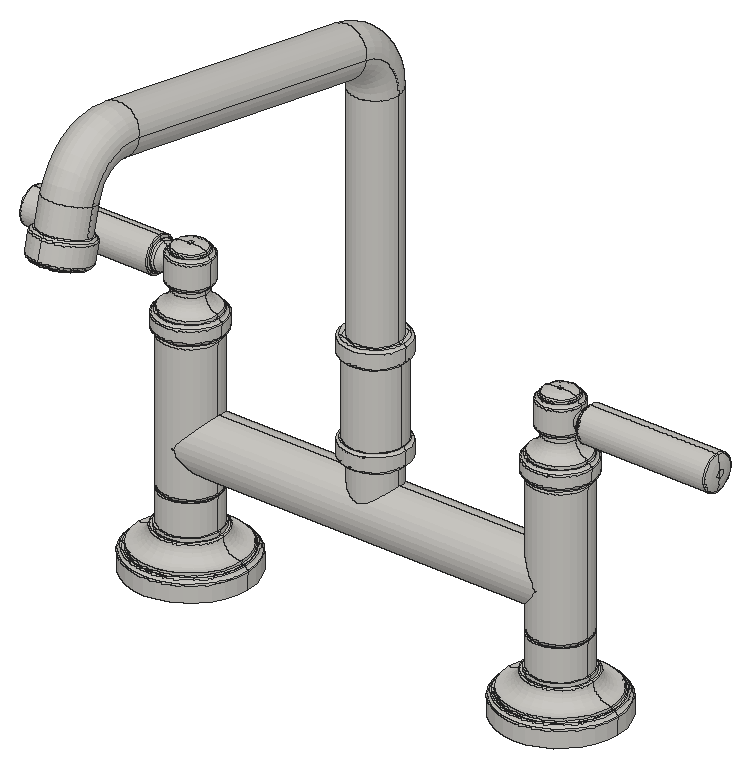
Revit family "Faucet-Kitchen-KALLISTA-Quincy-P25001", category Plumbing Fixtures, host Face, Revit 2022 (continued)
Definition of nested family "P25001"
  Lines and regions (in)
    symbolic lines, detail levels medium+fine
      curve 95: spline (-0.51767, 0, 11.09591) -> (-0.48115, 0, 11.12626) -> (-0.42416, 0, 11.15376) -> (-0.34912, 0, 11.17726) -> (-0.25922, 0, 11.19574) -> (-0.15829, 0, 11.20843) -> (-0.05063, 0, 11.21477) -> (0.05918, 0, 11.21451) -> (0.16648, 0, 11.20766) -> (0.2667, 0, 11.1945) -> (0.35556, 0, 11.17559) -> (0.4293, 0, 11.15174) -> (0.48477, 0, 11.12397)
      curve 96: spline (0.5, 0, 11.00592) -> (0.45224, 0, 10.97718) -> (0.38551, 0, 10.95191) -> (0.30259, 0, 10.93114) -> (0.20697, 0, 10.91577) -> (0.10266, 0, 10.90643) -> (-0.00596, 0, 10.90351) -> (-0.11432, 0, 10.90714) -> (-0.21789, 0, 10.91716) -> (-0.31231, 0, 10.93316) -> (-0.39363, 0, 10.95446) -> (-0.45842, 0, 10.98017) -> (-0.50397, 0, 11.00921)
      curve 97: spline (0.44242, 0, 11.67601) -> (0.38871, 0, 11.68988) -> (0.32456, 0, 11.70177) -> (0.2517, 0, 11.71136) -> (0.1721, 0, 11.71838) -> (0.08791, 0, 11.72266) -> (0.00142, 0, 11.72407) -> (-0.08503, 0, 11.72257) -> (-0.16911, 0, 11.71821) -> (-0.24853, 0, 11.7111) -> (-0.32116, 0, 11.70144) -> (-0.38501, 0, 11.68948) -> (-0.43837, 0, 11.67555)
      curve 98: spline (0.43765, 0, 11.64611) -> (0.38066, 0, 11.65964) -> (0.31678, 0, 11.67117) -> (0.24718, 0, 11.68049) -> (0.17311, 0, 11.68743) -> (0.09591, 0, 11.69187) -> (0.01698, 0, 11.69372) -> (-0.06224, 0, 11.69295) -> (-0.14033, 0, 11.68958) -> (-0.21586, 0, 11.68366) -> (-0.28748, 0, 11.67531) -> (-0.35387, 0, 11.66467) -> (-0.41384, 0, 11.65194)
      curve 99: spline (-0.29907, 0, 11.07349) -> (-0.29844, 0, 11.07181) -> (-0.29952, 0, 11.07015) -> (-0.30223, 0, 11.06861) -> (-0.30638, 0, 11.0673) -> (-0.31169, 0, 11.06632) -> (-0.3178, 0, 11.06573) -> (-0.3243, 0, 11.06557) -> (-0.33074, 0, 11.06585) -> (-0.33667, 0, 11.06655) -> (-0.34171, 0, 11.06762) -> (-0.3455, 0, 11.069) -> (-0.34779, 0, 11.07058)
      curve 100: spline (-0.34779, 0, 11.07058) -> (-0.34841, 0, 11.07226) -> (-0.34733, 0, 11.07393) -> (-0.34463, 0, 11.07547) -> (-0.34048, 0, 11.07677) -> (-0.33516, 0, 11.07775) -> (-0.32905, 0, 11.07834) -> (-0.32255, 0, 11.0785) -> (-0.31612, 0, 11.07822) -> (-0.31018, 0, 11.07752) -> (-0.30514, 0, 11.07645) -> (-0.30135, 0, 11.07507) -> (-0.29907, 0, 11.07349)
      curve 101: spline (-0.28761, 0, 11.03886) -> (-0.28423, 0, 11.03741) -> (-0.28241, 0, 11.03579) -> (-0.28227, 0, 11.0341) -> (-0.28383, 0, 11.03246) -> (-0.28697, 0, 11.03098) -> (-0.29149, 0, 11.02976) -> (-0.29707, 0, 11.02889) -> (-0.30334, 0, 11.02841) -> (-0.30986, 0, 11.02838) -> (-0.3162, 0, 11.02878) -> (-0.32192, 0, 11.0296) -> (-0.32663, 0, 11.03076)
      curve 102: spline (-0.32663, 0, 11.03076) -> (-0.33001, 0, 11.03221) -> (-0.33183, 0, 11.03383) -> (-0.33197, 0, 11.03552) -> (-0.33041, 0, 11.03716) -> (-0.32727, 0, 11.03864) -> (-0.32275, 0, 11.03986) -> (-0.31717, 0, 11.04073) -> (-0.3109, 0, 11.04121) -> (-0.30437, 0, 11.04124) -> (-0.29804, 0, 11.04084) -> (-0.29232, 0, 11.04002) -> (-0.28761, 0, 11.03886)
      curve 103: spline (-0.25136, 0, 11.10599) -> (-0.25361, 0, 11.1044) -> (-0.25737, 0, 11.10302) -> (-0.26239, 0, 11.10194) -> (-0.26831, 0, 11.10123) -> (-0.27474, 0, 11.10095) -> (-0.28124, 0, 11.1011) -> (-0.28737, 0, 11.10168) -> (-0.2927, 0, 11.10266) -> (-0.29688, 0, 11.10395) -> (-0.29961, 0, 11.10549) -> (-0.30073, 0, 11.10715) -> (-0.30013, 0, 11.10883)
      curve 104: spline (-0.30013, 0, 11.10883) -> (-0.29788, 0, 11.11042) -> (-0.29412, 0, 11.1118) -> (-0.2891, 0, 11.11288) -> (-0.28318, 0, 11.11359) -> (-0.27675, 0, 11.11388) -> (-0.27025, 0, 11.11372) -> (-0.26412, 0, 11.11314) -> (-0.25879, 0, 11.11217) -> (-0.25461, 0, 11.11087) -> (-0.25188, 0, 11.10934) -> (-0.25077, 0, 11.10767) -> (-0.25136, 0, 11.10599)
      curve 105: spline (-0.24774, 0, 11.07994) -> (-0.24893, 0, 11.0816) -> (-0.24842, 0, 11.08329) -> (-0.24624, 0, 11.08488) -> (-0.24254, 0, 11.08627) -> (-0.23758, 0, 11.08737) -> (-0.23169, 0, 11.08809) -> (-0.22527, 0, 11.0884) -> (-0.21877, 0, 11.08827) -> (-0.21261, 0, 11.08771) -> (-0.20723, 0, 11.08675) -> (-0.203, 0, 11.08546) -> (-0.20019, 0, 11.08394)
      curve 106: spline (-0.20019, 0, 11.08394) -> (-0.199, 0, 11.08228) -> (-0.19951, 0, 11.08059) -> (-0.20169, 0, 11.079) -> (-0.20538, 0, 11.07761) -> (-0.21035, 0, 11.07651) -> (-0.21624, 0, 11.07579) -> (-0.22265, 0, 11.07548) -> (-0.22916, 0, 11.07561) -> (-0.23531, 0, 11.07618) -> (-0.24069, 0, 11.07713) -> (-0.24493, 0, 11.07842) -> (-0.24774, 0, 11.07994)
      curve 107: spline (-0.23964, 0, 11.03895) -> (-0.24437, 0, 11.04012) -> (-0.24778, 0, 11.04156) -> (-0.24963, 0, 11.04318) -> (-0.2498, 0, 11.04487) -> (-0.24828, 0, 11.04651) -> (-0.24517, 0, 11.04799) -> (-0.24067, 0, 11.04922) -> (-0.23511, 0, 11.0501) -> (-0.22885, 0, 11.05058) -> (-0.22233, 0, 11.05062) -> (-0.21598, 0, 11.05023) -> (-0.21025, 0, 11.04942)
      curve 108: spline (-0.21025, 0, 11.04942) -> (-0.20551, 0, 11.04826) -> (-0.2021, 0, 11.04682) -> (-0.20025, 0, 11.0452) -> (-0.20008, 0, 11.04351) -> (-0.2016, 0, 11.04187) -> (-0.20472, 0, 11.04039) -> (-0.20921, 0, 11.03916) -> (-0.21477, 0, 11.03828) -> (-0.22103, 0, 11.0378) -> (-0.22755, 0, 11.03775) -> (-0.2339, 0, 11.03815) -> (-0.23964, 0, 11.03895)
      curve 109: spline (-0.24085, 0, 10.99726) -> (-0.24632, 0, 10.99818) -> (-0.25068, 0, 10.99944) -> (-0.25363, 0, 11.00095) -> (-0.25497, 0, 11.0026) -> (-0.25462, 0, 11.00429) -> (-0.25259, 0, 11.00589) -> (-0.24903, 0, 11.00731) -> (-0.24417, 0, 11.00843) -> (-0.23835, 0, 11.0092) -> (-0.23197, 0, 11.00955) -> (-0.22545, 0, 11.00946) -> (-0.21925, 0, 11.00893)
      curve 110: spline (-0.21925, 0, 11.00893) -> (-0.21378, 0, 11.00801) -> (-0.20942, 0, 11.00675) -> (-0.20647, 0, 11.00524) -> (-0.20512, 0, 11.00359) -> (-0.20547, 0, 11.00191) -> (-0.2075, 0, 11.0003) -> (-0.21107, 0, 10.99888) -> (-0.21592, 0, 10.99776) -> (-0.22174, 0, 10.99699) -> (-0.22813, 0, 10.99664) -> (-0.23465, 0, 10.99674) -> (-0.24085, 0, 10.99726)
      curve 111: spline (-0.23964, 0, 11.03895) -> (-0.24437, 0, 11.04012) -> (-0.24778, 0, 11.04156) -> (-0.24963, 0, 11.04318) -> (-0.2498, 0, 11.04487) -> (-0.24828, 0, 11.04651) -> (-0.24517, 0, 11.04799) -> (-0.24067, 0, 11.04922) -> (-0.23511, 0, 11.0501) -> (-0.22885, 0, 11.05058) -> (-0.22233, 0, 11.05062) -> (-0.21598, 0, 11.05023) -> (-0.21025, 0, 11.04942)
      curve 112: spline (-0.21025, 0, 11.04942) -> (-0.20551, 0, 11.04826) -> (-0.2021, 0, 11.04682) -> (-0.20025, 0, 11.0452) -> (-0.20008, 0, 11.04351) -> (-0.2016, 0, 11.04187) -> (-0.20472, 0, 11.04039) -> (-0.20921, 0, 11.03916) -> (-0.21477, 0, 11.03828) -> (-0.22103, 0, 11.0378) -> (-0.22755, 0, 11.03775) -> (-0.2339, 0, 11.03815) -> (-0.23964, 0, 11.03895)
      curve 113: spline (-0.20019, 0, 11.08394) -> (-0.199, 0, 11.08228) -> (-0.19951, 0, 11.08059) -> (-0.20169, 0, 11.079) -> (-0.20538, 0, 11.07761) -> (-0.21035, 0, 11.07651) -> (-0.21624, 0, 11.07579) -> (-0.22265, 0, 11.07548) -> (-0.22916, 0, 11.07561) -> (-0.23531, 0, 11.07618) -> (-0.24069, 0, 11.07713) -> (-0.24493, 0, 11.07842) -> (-0.24774, 0, 11.07994)
      curve 114: spline (-0.24774, 0, 11.07994) -> (-0.24893, 0, 11.0816) -> (-0.24842, 0, 11.08329) -> (-0.24624, 0, 11.08488) -> (-0.24254, 0, 11.08627) -> (-0.23758, 0, 11.08737) -> (-0.23169, 0, 11.08809) -> (-0.22527, 0, 11.0884) -> (-0.21877, 0, 11.08827) -> (-0.21261, 0, 11.08771) -> (-0.20723, 0, 11.08675) -> (-0.203, 0, 11.08546) -> (-0.20019, 0, 11.08394)
      curve 115: spline (-0.30013, 0, 11.10883) -> (-0.29788, 0, 11.11042) -> (-0.29412, 0, 11.1118) -> (-0.2891, 0, 11.11288) -> (-0.28318, 0, 11.11359) -> (-0.27675, 0, 11.11388) -> (-0.27025, 0, 11.11372) -> (-0.26412, 0, 11.11314) -> (-0.25879, 0, 11.11217) -> (-0.25461, 0, 11.11087) -> (-0.25188, 0, 11.10934) -> (-0.25077, 0, 11.10767) -> (-0.25136, 0, 11.10599)
      curve 116: spline (-0.15392, 0, 11.12992) -> (-0.1586, 0, 11.12874) -> (-0.16431, 0, 11.12792) -> (-0.17064, 0, 11.12751) -> (-0.17716, 0, 11.12754) -> (-0.18344, 0, 11.128) -> (-0.18904, 0, 11.12887) -> (-0.19358, 0, 11.13008) -> (-0.19675, 0, 11.13155) -> (-0.19834, 0, 11.13319) -> (-0.19824, 0, 11.13488) -> (-0.19645, 0, 11.13651) -> (-0.1931, 0, 11.13796)
      curve 117: spline (-0.1931, 0, 11.13796) -> (-0.18842, 0, 11.13913) -> (-0.18271, 0, 11.13995) -> (-0.17638, 0, 11.14036) -> (-0.16986, 0, 11.14034) -> (-0.16358, 0, 11.13987) -> (-0.15798, 0, 11.13901) -> (-0.15344, 0, 11.13779) -> (-0.15027, 0, 11.13632) -> (-0.14868, 0, 11.13468) -> (-0.14878, 0, 11.13299) -> (-0.15057, 0, 11.13137) -> (-0.15392, 0, 11.12992)
      curve 118: spline (-0.16121, 0, 11.11433) -> (-0.15841, 0, 11.11586) -> (-0.15417, 0, 11.11714) -> (-0.14879, 0, 11.1181) -> (-0.14264, 0, 11.11866) -> (-0.13613, 0, 11.11879) -> (-0.12971, 0, 11.11849) -> (-0.12382, 0, 11.11776) -> (-0.11886, 0, 11.11666) -> (-0.11516, 0, 11.11527) -> (-0.11298, 0, 11.11368) -> (-0.11247, 0, 11.11199) -> (-0.11366, 0, 11.11033)
      curve 119: spline (-0.11366, 0, 11.11033) -> (-0.11647, 0, 11.10881) -> (-0.12071, 0, 11.10752) -> (-0.12609, 0, 11.10657) -> (-0.13224, 0, 11.106) -> (-0.13875, 0, 11.10587) -> (-0.14516, 0, 11.10618) -> (-0.15105, 0, 11.10691) -> (-0.15602, 0, 11.108) -> (-0.15971, 0, 11.10939) -> (-0.16189, 0, 11.11099) -> (-0.1624, 0, 11.11267) -> (-0.16121, 0, 11.11433)
      curve 120: spline (-0.15155, 0, 11.08532) -> (-0.14758, 0, 11.08666) -> (-0.1424, 0, 11.08769) -> (-0.13637, 0, 11.08834) -> (-0.1299, 0, 11.08856) -> (-0.12343, 0, 11.08834) -> (-0.1174, 0, 11.08769) -> (-0.11223, 0, 11.08666) -> (-0.10825, 0, 11.08532) -> (-0.10576, 0, 11.08376) -> (-0.1049, 0, 11.08209) -> (-0.10576, 0, 11.08041) -> (-0.10825, 0, 11.07885)
      curve 121: spline (-0.10825, 0, 11.07885) -> (-0.11223, 0, 11.07751) -> (-0.1174, 0, 11.07648) -> (-0.12343, 0, 11.07584) -> (-0.1299, 0, 11.07562) -> (-0.13637, 0, 11.07584) -> (-0.1424, 0, 11.07648) -> (-0.14758, 0, 11.07751) -> (-0.15155, 0, 11.07885) -> (-0.15405, 0, 11.08041) -> (-0.1549, 0, 11.08209) -> (-0.15405, 0, 11.08376) -> (-0.15155, 0, 11.08532)
      curve 122: spline (-0.15155, 0, 11.04003) -> (-0.15405, 0, 11.04159) -> (-0.1549, 0, 11.04326) -> (-0.15405, 0, 11.04494) -> (-0.15155, 0, 11.0465) -> (-0.14758, 0, 11.04784) -> (-0.1424, 0, 11.04887) -> (-0.13637, 0, 11.04951) -> (-0.1299, 0, 11.04973) -> (-0.12343, 0, 11.04951) -> (-0.1174, 0, 11.04887) -> (-0.11223, 0, 11.04784) -> (-0.10825, 0, 11.0465)
      curve 123: spline (-0.10825, 0, 11.0465) -> (-0.10576, 0, 11.04494) -> (-0.1049, 0, 11.04326) -> (-0.10576, 0, 11.04159) -> (-0.10825, 0, 11.04003) -> (-0.11223, 0, 11.03869) -> (-0.1174, 0, 11.03766) -> (-0.12343, 0, 11.03701) -> (-0.1299, 0, 11.03679) -> (-0.13637, 0, 11.03701) -> (-0.1424, 0, 11.03766) -> (-0.14758, 0, 11.03869) -> (-0.15155, 0, 11.04003)
      curve 124: spline (-0.14, 0, 11.01997) -> (-0.13353, 0, 11.01975) -> (-0.1275, 0, 11.0191) -> (-0.12232, 0, 11.01807) -> (-0.11835, 0, 11.01673) -> (-0.11585, 0, 11.01517) -> (-0.115, 0, 11.0135) -> (-0.11585, 0, 11.01182) -> (-0.11835, 0, 11.01026) -> (-0.12232, 0, 11.00892) -> (-0.1275, 0, 11.0079) -> (-0.13353, 0, 11.00725) -> (-0.14, 0, 11.00703)
      curve 125: spline (-0.14, 0, 11.00703) -> (-0.14647, 0, 11.00725) -> (-0.1525, 0, 11.0079) -> (-0.15768, 0, 11.00892) -> (-0.16165, 0, 11.01026) -> (-0.16415, 0, 11.01182) -> (-0.165, 0, 11.0135) -> (-0.16415, 0, 11.01517) -> (-0.16165, 0, 11.01673) -> (-0.15768, 0, 11.01807) -> (-0.1525, 0, 11.0191) -> (-0.14647, 0, 11.01975) -> (-0.14, 0, 11.01997)
      curve 126: spline (-0.10742, 0, 10.9767) -> (-0.11389, 0, 10.97692) -> (-0.11993, 0, 10.97756) -> (-0.12511, 0, 10.97859) -> (-0.12909, 0, 10.97992) -> (-0.1316, 0, 10.98148) -> (-0.13246, 0, 10.98316) -> (-0.13162, 0, 10.98483) -> (-0.12914, 0, 10.98639) -> (-0.12517, 0, 10.98774) -> (-0.12, 0, 10.98877) -> (-0.11398, 0, 10.98942) -> (-0.10751, 0, 10.98964)
      curve 127: spline (-0.10751, 0, 10.98964) -> (-0.10104, 0, 10.98942) -> (-0.095, 0, 10.98878) -> (-0.08982, 0, 10.98775) -> (-0.08584, 0, 10.98641) -> (-0.08333, 0, 10.98485) -> (-0.08246, 0, 10.98318) -> (-0.0833, 0, 10.98151) -> (-0.08579, 0, 10.97994) -> (-0.08976, 0, 10.9786) -> (-0.09493, 0, 10.97757) -> (-0.10095, 0, 10.97692) -> (-0.10742, 0, 10.9767)
      curve 128: spline (0.01311, 0, 10.99636) -> (0.00738, 0, 10.99555) -> (0.00103, 0, 10.99516) -> (-0.00549, 0, 10.9952) -> (-0.01175, 0, 10.99568) -> (-0.01732, 0, 10.99656) -> (-0.02181, 0, 10.99779) -> (-0.02492, 0, 10.99927) -> (-0.02645, 0, 11.00092) -> (-0.02628, 0, 11.00261) -> (-0.02442, 0, 11.00422) -> (-0.02101, 0, 11.00567) -> (-0.01628, 0, 11.00683)
      curve 129: spline (-0.01628, 0, 11.00683) -> (-0.01054, 0, 11.00763) -> (-0.0042, 0, 11.00803) -> (0.00233, 0, 11.00798) -> (0.00859, 0, 11.0075) -> (0.01415, 0, 11.00662) -> (0.01864, 0, 11.0054) -> (0.02176, 0, 11.00391) -> (0.02328, 0, 11.00227) -> (0.02311, 0, 11.00058) -> (0.02126, 0, 10.99896) -> (0.01785, 0, 10.99752) -> (0.01311, 0, 10.99636)
      curve 130: spline (0.04726, 0, 10.97315) -> (0.04107, 0, 10.97262) -> (0.03455, 0, 10.97252) -> (0.02816, 0, 10.97286) -> (0.02233, 0, 10.97362) -> (0.01746, 0, 10.97474) -> (0.01387, 0, 10.97616) -> (0.01182, 0, 10.97776) -> (0.01145, 0, 10.97945) -> (0.01277, 0, 10.9811) -> (0.0157, 0, 10.98261) -> (0.02005, 0, 10.98387) -> (0.0255, 0, 10.9848)
      curve 131: spline (0.0255, 0, 10.9848) -> (0.0317, 0, 10.98533) -> (0.03821, 0, 10.98543) -> (0.0446, 0, 10.98508) -> (0.05043, 0, 10.98432) -> (0.05531, 0, 10.9832) -> (0.05889, 0, 10.98179) -> (0.06094, 0, 10.98018) -> (0.06131, 0, 10.9785) -> (0.05999, 0, 10.97684) -> (0.05706, 0, 10.97534) -> (0.05272, 0, 10.97407) -> (0.04726, 0, 10.97315)
      curve 132: spline (0, 0, 11.01738) -> (-0.00647, 0, 11.0176) -> (-0.0125, 0, 11.01825) -> (-0.01768, 0, 11.01928) -> (-0.02165, 0, 11.02062) -> (-0.02415, 0, 11.02218) -> (-0.025, 0, 11.02385) -> (-0.02415, 0, 11.02553) -> (-0.02165, 0, 11.02709) -> (-0.01768, 0, 11.02843) -> (-0.0125, 0, 11.02946) -> (-0.00647, 0, 11.0301) -> (0, 0, 11.03032)
      curve 133: spline (0, 0, 11.03032) -> (0.00647, 0, 11.0301) -> (0.0125, 0, 11.02946) -> (0.01768, 0, 11.02843) -> (0.02165, 0, 11.02709) -> (0.02415, 0, 11.02553) -> (0.025, 0, 11.02385) -> (0.02415, 0, 11.02218) -> (0.02165, 0, 11.02062) -> (0.01768, 0, 11.01928) -> (0.0125, 0, 11.01825) -> (0.00647, 0, 11.0176) -> (0, 0, 11.01738)
      curve 134: spline (0, 0, 11.0562) -> (-0.00647, 0, 11.05643) -> (-0.0125, 0, 11.05707) -> (-0.01768, 0, 11.0581) -> (-0.02165, 0, 11.05944) -> (-0.02415, 0, 11.061) -> (-0.025, 0, 11.06268) -> (-0.02415, 0, 11.06435) -> (-0.02165, 0, 11.06591) -> (-0.01768, 0, 11.06725) -> (-0.0125, 0, 11.06828) -> (-0.00647, 0, 11.06893) -> (0, 0, 11.06915)
      curve 135: spline (0, 0, 11.06915) -> (0.00647, 0, 11.06893) -> (0.0125, 0, 11.06828) -> (0.01768, 0, 11.06725) -> (0.02165, 0, 11.06591) -> (0.02415, 0, 11.06435) -> (0.025, 0, 11.06268) -> (0.02415, 0, 11.061) -> (0.02165, 0, 11.05944) -> (0.01768, 0, 11.0581) -> (0.0125, 0, 11.05707) -> (0.00647, 0, 11.05643) -> (0, 0, 11.0562)
      curve 136: spline (0, 0, 11.09503) -> (-0.00647, 0, 11.09525) -> (-0.0125, 0, 11.09589) -> (-0.01768, 0, 11.09692) -> (-0.02165, 0, 11.09826) -> (-0.02415, 0, 11.09982) -> (-0.025, 0, 11.1015) -> (-0.02415, 0, 11.10317) -> (-0.02165, 0, 11.10473) -> (-0.01768, 0, 11.10607) -> (-0.0125, 0, 11.1071) -> (-0.00647, 0, 11.10775) -> (0, 0, 11.10797)
      curve 137: spline (0, 0, 11.10797) -> (0.00647, 0, 11.10775) -> (0.0125, 0, 11.1071) -> (0.01768, 0, 11.10607) -> (0.02165, 0, 11.10473) -> (0.02415, 0, 11.10317) -> (0.025, 0, 11.1015) -> (0.02415, 0, 11.09982) -> (0.02165, 0, 11.09826) -> (0.01768, 0, 11.09692) -> (0.0125, 0, 11.09589) -> (0.00647, 0, 11.09525) -> (0, 0, 11.09503)
      curve 138: spline (0.01628, 0, 11.11852) -> (0.01054, 0, 11.11772) -> (0.0042, 0, 11.11732) -> (-0.00233, 0, 11.11737) -> (-0.00859, 0, 11.11785) -> (-0.01415, 0, 11.11873) -> (-0.01864, 0, 11.11995) -> (-0.02176, 0, 11.12144) -> (-0.02328, 0, 11.12308) -> (-0.02311, 0, 11.12477) -> (-0.02126, 0, 11.12639) -> (-0.01785, 0, 11.12783) -> (-0.01311, 0, 11.12899)
      curve 139: spline (-0.01311, 0, 11.12899) -> (-0.00738, 0, 11.1298) -> (-0.00103, 0, 11.13019) -> (0.00549, 0, 11.13015) -> (0.01175, 0, 11.12967) -> (0.01732, 0, 11.12879) -> (0.02181, 0, 11.12756) -> (0.02492, 0, 11.12608) -> (0.02645, 0, 11.12443) -> (0.02628, 0, 11.12275) -> (0.02442, 0, 11.12113) -> (0.02101, 0, 11.11969) -> (0.01628, 0, 11.11852)
      curve 140: spline (-0.02603, 0, 11.14054) -> (-0.03222, 0, 11.14001) -> (-0.03873, 0, 11.13991) -> (-0.04513, 0, 11.14025) -> (-0.05096, 0, 11.141) -> (-0.05584, 0, 11.14212) -> (-0.05943, 0, 11.14354) -> (-0.06149, 0, 11.14514) -> (-0.06188, 0, 11.14682) -> (-0.06057, 0, 11.14848) -> (-0.05765, 0, 11.14999) -> (-0.05331, 0, 11.15125) -> (-0.04787, 0, 11.15218)
      curve 141: spline (-0.04787, 0, 11.15218) -> (-0.04167, 0, 11.15272) -> (-0.03516, 0, 11.15282) -> (-0.02877, 0, 11.15248) -> (-0.02293, 0, 11.15172) -> (-0.01805, 0, 11.1506) -> (-0.01446, 0, 11.14919) -> (-0.0124, 0, 11.14758) -> (-0.01201, 0, 11.1459) -> (-0.01332, 0, 11.14424) -> (-0.01624, 0, 11.14273) -> (-0.02058, 0, 11.14147) -> (-0.02603, 0, 11.14054)
      curve 142: spline (0.108, 0, 11.1486) -> (0.11447, 0, 11.14838) -> (0.1205, 0, 11.14774) -> (0.12568, 0, 11.14671) -> (0.12965, 0, 11.14537) -> (0.13215, 0, 11.14381) -> (0.133, 0, 11.14213) -> (0.13215, 0, 11.14046) -> (0.12965, 0, 11.1389) -> (0.12568, 0, 11.13756) -> (0.1205, 0, 11.13653) -> (0.11447, 0, 11.13588) -> (0.108, 0, 11.13566)
      curve 143: spline (0.108, 0, 11.13566) -> (0.10153, 0, 11.13588) -> (0.0955, 0, 11.13653) -> (0.09032, 0, 11.13756) -> (0.08635, 0, 11.1389) -> (0.08385, 0, 11.14046) -> (0.083, 0, 11.14213) -> (0.08385, 0, 11.14381) -> (0.08635, 0, 11.14537) -> (0.09032, 0, 11.14671) -> (0.0955, 0, 11.14774) -> (0.10153, 0, 11.14838) -> (0.108, 0, 11.1486)
      curve 144: spline (0.14, 0, 11.10538) -> (0.13353, 0, 11.1056) -> (0.1275, 0, 11.10625) -> (0.12232, 0, 11.10728) -> (0.11835, 0, 11.10862) -> (0.11585, 0, 11.11018) -> (0.115, 0, 11.11185) -> (0.11585, 0, 11.11353) -> (0.11835, 0, 11.11509) -> (0.12232, 0, 11.11643) -> (0.1275, 0, 11.11745) -> (0.13353, 0, 11.1181) -> (0.14, 0, 11.11832)
      curve 145: spline (0.14, 0, 11.11832) -> (0.14647, 0, 11.1181) -> (0.1525, 0, 11.11745) -> (0.15768, 0, 11.11643) -> (0.16165, 0, 11.11509) -> (0.16415, 0, 11.11353) -> (0.165, 0, 11.11185) -> (0.16415, 0, 11.11018) -> (0.16165, 0, 11.10862) -> (0.15768, 0, 11.10728) -> (0.1525, 0, 11.10625) -> (0.14647, 0, 11.1056) -> (0.14, 0, 11.10538)
      curve 146: spline (0.15155, 0, 11.08532) -> (0.15405, 0, 11.08376) -> (0.1549, 0, 11.08209) -> (0.15405, 0, 11.08041) -> (0.15155, 0, 11.07885) -> (0.14758, 0, 11.07751) -> (0.1424, 0, 11.07648) -> (0.13637, 0, 11.07584) -> (0.1299, 0, 11.07562) -> (0.12343, 0, 11.07584) -> (0.1174, 0, 11.07648) -> (0.11223, 0, 11.07751) -> (0.10825, 0, 11.07885)
      curve 147: spline (0.10825, 0, 11.07885) -> (0.10576, 0, 11.08041) -> (0.1049, 0, 11.08209) -> (0.10576, 0, 11.08376) -> (0.10825, 0, 11.08532) -> (0.11223, 0, 11.08666) -> (0.1174, 0, 11.08769) -> (0.12343, 0, 11.08834) -> (0.1299, 0, 11.08856) -> (0.13637, 0, 11.08834) -> (0.1424, 0, 11.08769) -> (0.14758, 0, 11.08666) -> (0.15155, 0, 11.08532)
      curve 148: spline (0.10825, 0, 11.0465) -> (0.11223, 0, 11.04784) -> (0.1174, 0, 11.04887) -> (0.12343, 0, 11.04951) -> (0.1299, 0, 11.04973) -> (0.13637, 0, 11.04951) -> (0.1424, 0, 11.04887) -> (0.14758, 0, 11.04784) -> (0.15155, 0, 11.0465) -> (0.15405, 0, 11.04494) -> (0.1549, 0, 11.04326) -> (0.15405, 0, 11.04159) -> (0.15155, 0, 11.04003)
      curve 149: spline (0.15155, 0, 11.04003) -> (0.14758, 0, 11.03869) -> (0.1424, 0, 11.03766) -> (0.13637, 0, 11.03701) -> (0.1299, 0, 11.03679) -> (0.12343, 0, 11.03701) -> (0.1174, 0, 11.03766) -> (0.11223, 0, 11.03869) -> (0.10825, 0, 11.04003) -> (0.10576, 0, 11.04159) -> (0.1049, 0, 11.04326) -> (0.10576, 0, 11.04494) -> (0.10825, 0, 11.0465)
      curve 150: spline (0.11366, 0, 11.01502) -> (0.11647, 0, 11.01654) -> (0.12071, 0, 11.01783) -> (0.12609, 0, 11.01878) -> (0.13224, 0, 11.01935) -> (0.13875, 0, 11.01948) -> (0.14516, 0, 11.01917) -> (0.15105, 0, 11.01844) -> (0.15602, 0, 11.01735) -> (0.15971, 0, 11.01596) -> (0.16189, 0, 11.01436) -> (0.1624, 0, 11.01268) -> (0.16121, 0, 11.01102)
      curve 151: spline (0.16121, 0, 11.01102) -> (0.15841, 0, 11.00949) -> (0.15417, 0, 11.00821) -> (0.14879, 0, 11.00725) -> (0.14264, 0, 11.00669) -> (0.13613, 0, 11.00656) -> (0.12971, 0, 11.00686) -> (0.12382, 0, 11.00759) -> (0.11886, 0, 11.00869) -> (0.11516, 0, 11.01008) -> (0.11298, 0, 11.01167) -> (0.11247, 0, 11.01336) -> (0.11366, 0, 11.01502)
      curve 152: spline (0.19259, 0, 10.98731) -> (0.1879, 0, 10.98613) -> (0.18219, 0, 10.98532) -> (0.17586, 0, 10.98491) -> (0.16933, 0, 10.98494) -> (0.16306, 0, 10.9854) -> (0.15747, 0, 10.98627) -> (0.15293, 0, 10.98749) -> (0.14977, 0, 10.98896) -> (0.14819, 0, 10.9906) -> (0.1483, 0, 10.99229) -> (0.1501, 0, 10.99392) -> (0.15346, 0, 10.99536)
      curve 153: spline (0.15346, 0, 10.99536) -> (0.15816, 0, 10.99654) -> (0.16387, 0, 10.99736) -> (0.1702, 0, 10.99776) -> (0.17672, 0, 10.99774) -> (0.183, 0, 10.99727) -> (0.18859, 0, 10.9964) -> (0.19313, 0, 10.99518) -> (0.19629, 0, 10.99371) -> (0.19787, 0, 10.99207) -> (0.19775, 0, 10.99038) -> (0.19596, 0, 10.98876) -> (0.19259, 0, 10.98731)
      curve 154: spline (0.20019, 0, 11.04141) -> (0.199, 0, 11.04307) -> (0.19951, 0, 11.04476) -> (0.20169, 0, 11.04635) -> (0.20538, 0, 11.04774) -> (0.21035, 0, 11.04884) -> (0.21624, 0, 11.04956) -> (0.22265, 0, 11.04987) -> (0.22916, 0, 11.04974) -> (0.23531, 0, 11.04918) -> (0.24069, 0, 11.04822) -> (0.24493, 0, 11.04693) -> (0.24774, 0, 11.04541)
      curve 155: spline (0.24774, 0, 11.04541) -> (0.24893, 0, 11.04375) -> (0.24842, 0, 11.04206) -> (0.24624, 0, 11.04047) -> (0.24254, 0, 11.03908) -> (0.23758, 0, 11.03798) -> (0.23169, 0, 11.03726) -> (0.22527, 0, 11.03695) -> (0.21877, 0, 11.03708) -> (0.21261, 0, 11.03764) -> (0.20723, 0, 11.0386) -> (0.203, 0, 11.03989) -> (0.20019, 0, 11.04141)
      curve 156: spline (0.29982, 0, 11.01638) -> (0.29756, 0, 11.0148) -> (0.29379, 0, 11.01342) -> (0.28877, 0, 11.01234) -> (0.28284, 0, 11.01163) -> (0.2764, 0, 11.01135) -> (0.2699, 0, 11.0115) -> (0.26378, 0, 11.01209) -> (0.25846, 0, 11.01307) -> (0.25429, 0, 11.01437) -> (0.25156, 0, 11.0159) -> (0.25046, 0, 11.01757) -> (0.25106, 0, 11.01925)
      curve 157: spline (0.25106, 0, 11.01925) -> (0.25333, 0, 11.02083) -> (0.2571, 0, 11.02221) -> (0.26212, 0, 11.02329) -> (0.26805, 0, 11.02399) -> (0.27448, 0, 11.02428) -> (0.28098, 0, 11.02412) -> (0.2871, 0, 11.02354) -> (0.29243, 0, 11.02256) -> (0.2966, 0, 11.02126) -> (0.29933, 0, 11.01973) -> (0.30043, 0, 11.01806) -> (0.29982, 0, 11.01638)
      curve 158: spline (0.21025, 0, 11.07593) -> (0.20551, 0, 11.07709) -> (0.2021, 0, 11.07853) -> (0.20025, 0, 11.08015) -> (0.20008, 0, 11.08184) -> (0.2016, 0, 11.08348) -> (0.20472, 0, 11.08496) -> (0.20921, 0, 11.08619) -> (0.21477, 0, 11.08707) -> (0.22103, 0, 11.08755) -> (0.22755, 0, 11.0876) -> (0.2339, 0, 11.0872) -> (0.23964, 0, 11.0864)
      curve 159: spline (0.23964, 0, 11.0864) -> (0.24437, 0, 11.08523) -> (0.24778, 0, 11.08379) -> (0.24963, 0, 11.08217) -> (0.2498, 0, 11.08048) -> (0.24828, 0, 11.07884) -> (0.24517, 0, 11.07736) -> (0.24067, 0, 11.07613) -> (0.23511, 0, 11.07525) -> (0.22885, 0, 11.07477) -> (0.22233, 0, 11.07473) -> (0.21598, 0, 11.07512) -> (0.21025, 0, 11.07593)
      curve 160: spline (0.21961, 0, 11.11632) -> (0.21415, 0, 11.11725) -> (0.2098, 0, 11.1185) -> (0.20685, 0, 11.12001) -> (0.20552, 0, 11.12167) -> (0.20588, 0, 11.12335) -> (0.20792, 0, 11.12496) -> (0.2115, 0, 11.12637) -> (0.21636, 0, 11.1275) -> (0.22219, 0, 11.12826) -> (0.22858, 0, 11.1286) -> (0.23509, 0, 11.12851) -> (0.24129, 0, 11.12798)
      curve 161: spline (0.24129, 0, 11.12798) -> (0.24675, 0, 11.12706) -> (0.2511, 0, 11.1258) -> (0.25404, 0, 11.12429) -> (0.25538, 0, 11.12264) -> (0.25501, 0, 11.12095) -> (0.25298, 0, 11.11934) -> (0.2494, 0, 11.11793) -> (0.24454, 0, 11.11681) -> (0.23871, 0, 11.11604) -> (0.23232, 0, 11.1157) -> (0.22581, 0, 11.11579) -> (0.21961, 0, 11.11632)
      curve 162: spline (0.28777, 0, 11.08636) -> (0.2844, 0, 11.08781) -> (0.28259, 0, 11.08943) -> (0.28246, 0, 11.09112) -> (0.28403, 0, 11.09276) -> (0.28718, 0, 11.09424) -> (0.29171, 0, 11.09546) -> (0.2973, 0, 11.09633) -> (0.30357, 0, 11.0968) -> (0.31009, 0, 11.09683) -> (0.31643, 0, 11.09643) -> (0.32214, 0, 11.09561) -> (0.32684, 0, 11.09444)
      curve 163: spline (0.32684, 0, 11.09444) -> (0.33021, 0, 11.09299) -> (0.33202, 0, 11.09137) -> (0.33215, 0, 11.08968) -> (0.33058, 0, 11.08804) -> (0.32743, 0, 11.08656) -> (0.3229, 0, 11.08534) -> (0.31731, 0, 11.08447) -> (0.31104, 0, 11.084) -> (0.30452, 0, 11.08397) -> (0.29818, 0, 11.08438) -> (0.29247, 0, 11.08519) -> (0.28777, 0, 11.08636)
      curve 164: spline (0.29899, 0, 11.05172) -> (0.29838, 0, 11.0534) -> (0.29947, 0, 11.05507) -> (0.30218, 0, 11.05661) -> (0.30634, 0, 11.05791) -> (0.31166, 0, 11.05889) -> (0.31778, 0, 11.05947) -> (0.32428, 0, 11.05963) -> (0.33071, 0, 11.05935) -> (0.33665, 0, 11.05865) -> (0.34168, 0, 11.05757) -> (0.34546, 0, 11.05619) -> (0.34773, 0, 11.05461)
      curve 165: spline (0.34773, 0, 11.05461) -> (0.34835, 0, 11.05293) -> (0.34726, 0, 11.05126) -> (0.34454, 0, 11.04973) -> (0.34038, 0, 11.04843) -> (0.33506, 0, 11.04745) -> (0.32894, 0, 11.04686) -> (0.32245, 0, 11.0467) -> (0.31601, 0, 11.04698) -> (0.31008, 0, 11.04769) -> (0.30505, 0, 11.04876) -> (0.30127, 0, 11.05014) -> (0.29899, 0, 11.05172)
      curve 166: line (7.37171, 0, 6.1831) -> (7.37171, 0, 5.48425)
      curve 167: line (4.64394, 0, 6.13743) -> (4.64394, 0, 5.51517)
      curve 168: arc (4.44796, 0, 6.01135) -> (4.38133, 0, 5.83714) -> (4.4367, 0, 5.65903) r 0.28503
      curve 169: line (4.57425, 0, 6.13179) -> (4.57425, 0, 5.53555)
      curve 170: line (4.34598, 0, 6.15134) -> (3.64614, 0, 6.15134)
      curve 171: line (4.34598, 0, 6.20592) -> (3.64614, 0, 6.20592)
      curve 172: line (4.44796, 0, 6.08768) -> (3.54417, 0, 6.08768)
      curve 173: line (4.44796, 0, 5.55125) -> (3.54417, 0, 5.55125)
      curve 174: line (3.64614, 0, 5.4876) -> (4.34598, 0, 5.4876)
      curve 175: line (4.57576, 0, 5.07463) -> (3.41637, 0, 5.07463)
      curve 176: line (3.41637, 0, 5.02005) -> (4.57576, 0, 5.02005)
      curve 177: line (4.67773, 0, 4.9564) -> (3.31439, 0, 4.9564)
      curve 178: line (4.67773, 0, 4.6777) -> (3.31439, 0, 4.6777)
      curve 179: line (3.41637, 0, 4.61405) -> (4.57576, 0, 4.61405)
      curve 180: line (4.59598, 0, 4.52348) -> (3.39615, 0, 4.52348)
      curve 181: line (4.56416, 0, 1.60369) -> (3.42796, 0, 1.60369)
      curve 182: line (3.42796, 0, 1.57158) -> (4.56416, 0, 1.57158)
      curve 183: line (4.59598, 0, 0.91111) -> (3.39615, 0, 0.91111)
      curve 184: line (3.35909, 0, 0.83925) -> (4.63303, 0, 0.83925)
      curve 185: line (5.07032, 0, 0.50022) -> (2.9215, 0, 0.50022)
      curve 186: line (2.88883, 0, 0.43096) -> (5.10329, 0, 0.43096)
      curve 187: line (5.24606, 0, 0.34517) -> (2.74606, 0, 0.34517)
      curve 188: line (3.39615, 0, 3.28343) -> (3.99606, 0, 2.55906)
      curve 189: line (3.27508, 0, 3.16236) -> (3.99606, 0, 2.55906)
      curve 190: line (3.99606, 0, 2.55906) -> (3.39615, 0, 1.84212)
      curve 191: line (3.99606, 0, 2.55906) -> (3.2676, 0, 1.95575)
      curve 192: line (0, 1.25, 0.33619) -> (0, -1.25, 0.33619)
      curve 193: line (0, 1.10554, 0.43042) -> (0, -1.10554, 0.43042)
      curve 194: line (0, -1.06613, 0.49691) -> (0, 1.05776, 0.49701)
      curve 195: line (0, 0.64012, 0.84344) -> (0, -0.64012, 0.84344)
      curve 196: line (0, 0.59835, 0.91091) -> (0, -0.59835, 0.91091)
      curve 197: line (0, 0.5649, 1.56116) -> (0, -0.5649, 1.56116)
      curve 198: line (0, -0.5649, 1.59394) -> (0, 0.5649, 1.59394)
      curve 199: line (0, 0.59912, 3.93994) -> (0, 0.59835, 3.54919)
      curve 200: line (0, -0.59912, 3.93994) -> (0, -0.59835, 3.54919)
      curve 201: line (0, 0.59912, 4.53049) -> (0, -0.59912, 4.53049)
      curve 202: line (0, -0.56152, 4.59244) -> (0, 0.56152, 4.59244)
      curve 203: line (0, 0.58729, 4.61627) -> (0, -0.58729, 4.61627)
      curve 204: line (0, -0.66704, 4.67847) -> (0, 0.66704, 4.67847)
      curve 205: line (0, 0.69105, 4.71174) -> (0, -0.69105, 4.71174)
      curve 206: line (0, -0.69105, 4.94027) -> (0, 0.69105, 4.94027)
      curve 207: line (0, 0.66704, 4.97354) -> (0, -0.66765, 4.97354)
      curve 208: line (0, -0.5797, 5.02027) -> (0, 0.5797, 5.02027)
      curve 209: line (0, -7.9047, 11.47728) -> (0, -8.89829, 11.74351)
      curve 210: line (0, -7.84896, 11.38376) -> (0, -8.99332, 11.69039)
      curve 211: line (0, -7.96087, 10.96612) -> (0, -9.10522, 11.27275)
      curve 212: circle (0, 0, 5.81947) r 0.36631 normal (1, 0, 0)
      curve 213: circle (0, 0, 5.81947) r 0.30984 normal (1, 0, 0)
      curve 214: line (0, 0.34776, 6.15134) -> (0, 0.38467, 6.15134)
      curve 215: line (0, 0.45072, 6.06532) -> (0, 0.45072, 5.59436)
      curve 216: arc (0, 0.45072, 5.59436) -> (0, 0.44392, 5.57295) -> (0, 0.42602, 5.5594) r 0.03709
      curve 217: arc (0, 0.42602, 5.5594) -> (0, 0.39617, 5.53686) -> (0, 0.38467, 5.50127) r 0.06209
      curve 218: line (0, 0.38467, 5.50127) -> (0, 0.18149, 5.50127)
      curve 219: line (0, 0.38467, 6.15134) -> (0, 0.15507, 6.15134)
      curve 220: arc (0, 0.43134, 6.09548) -> (0, 0.44546, 6.08324) -> (0, 0.45072, 6.06532) r 0.03316
      curve 221: arc (0, 0.43134, 6.09548) -> (0, 0.40168, 6.11812) -> (0, 0.38467, 6.15134) r 0.08438
      curve 222: arc (0, 0.5797, 5.07463) -> (0, 0.4082, 5.19045) -> (0, 0.33731, 5.38487) r 0.33545
      curve 223: line (0, 0.33731, 5.38487) -> (0, 0.33731, 5.50127)
      curve 224: line (0, 0.5797, 5.53505) -> (0, 0.39492, 5.53505)
      curve 225: line (0, 0.66089, 5.59725) -> (0, 0.45072, 5.59725)
      curve 226: line (0, 0.49643, 5.93905) -> (0, 0.45072, 5.93905)
      curve 227: line (0, 0.6849, 5.85905) -> (0, 0.45072, 5.85905)
      curve 228: line (0, 0.66089, 5.89232) -> (0, 0.45072, 5.89232)
      curve 229: line (0, 0.6849, 5.63053) -> (0, 0.45072, 5.63053)
      curve 230: line (0, -0.34776, 6.15134) -> (0, -0.38467, 6.15134)
      curve 231: line (0, -0.45072, 6.06532) -> (0, -0.45072, 5.59436)
      curve 232: arc (0, -0.45072, 5.59436) -> (0, -0.44392, 5.57295) -> (0, -0.42602, 5.5594) r 0.03709
      curve 233: arc (0, -0.42602, 5.5594) -> (0, -0.39617, 5.53686) -> (0, -0.38467, 5.50127) r 0.06209
      curve 234: line (0, -0.38467, 5.50127) -> (0, -0.18149, 5.50127)
      curve 235: line (0, -0.38467, 6.15134) -> (0, -0.15507, 6.15134)
      curve 236: arc (0, -0.43134, 6.09548) -> (0, -0.44546, 6.08324) -> (0, -0.45072, 6.06532) r 0.03316
      curve 237: arc (0, -0.43134, 6.09548) -> (0, -0.40168, 6.11812) -> (0, -0.38467, 6.15134) r 0.08438
      curve 238: arc (0, -0.5797, 5.07463) -> (0, -0.4082, 5.19045) -> (0, -0.33731, 5.38487) r 0.33545
      curve 239: line (0, -0.33731, 5.38487) -> (0, -0.33731, 5.50127)
      curve 240: line (0, -0.5797, 5.53505) -> (0, -0.39492, 5.53505)
      curve 241: line (0, -0.66089, 5.59725) -> (0, -0.45072, 5.59725)
      curve 242: line (0, -0.39492, 5.53505) -> (0, -0.23085, 5.53505)
      curve 243: line (0, -0.49643, 5.93905) -> (0, -0.45072, 5.93905)
      curve 244: line (0, -0.6849, 5.85905) -> (0, -0.45072, 5.85905)
      curve 245: line (0, -0.66089, 5.89232) -> (0, -0.45072, 5.89232)
      curve 246: line (0, -0.6849, 5.63053) -> (0, -0.45072, 5.63053)
      curve 247: arc (0.49671, 0, 11.65199) -> (0.47028, 0, 11.66561) -> (0.44242, 0, 11.67601) r 0.2511
      curve 248: arc (0.52463, 0, 11.61673) -> (0.48158, 0, 11.63273) -> (0.43765, 0, 11.64611) r 0.76008
      curve 249: arc (-0.43837, 0, 11.67555) -> (-0.46803, 0, 11.66498) -> (-0.49671, 0, 11.65199) r 0.38053
      curve 250: arc (-0.41384, 0, 11.65194) -> (-0.46971, 0, 11.63625) -> (-0.52434, 0, 11.61666) r 0.82099
      curve 251: arc (0.48477, 0, 11.12397) -> (0.51431, 0, 11.09609) -> (0.53191, 0, 11.05947) r 0.11146
      curve 252: arc (-0.53192, 0, 11.05942) -> (-0.52768, 0, 11.0788) -> (-0.51767, 0, 11.09591) r 0.0634
  Dimensions and locks (in)
    aligned and locked: level to plane 2
Types (5): name | Type | Product Page URL | Model | Finish
  (no name) | 1 | "https://www.kallista.com/products/luxury-kitchen/faucets/kitchen/quincy-deck-mount-bridge-faucet-lever-handles-p25001-00/ad-nickel-silver" | "P25001-00-AD" | Kallista-Metal-AD-Nickel_Silver
  AD-Nickel Silver | 1 | "https://www.kallista.com/products/luxury-kitchen/faucets/kitchen/quincy-deck-mount-bridge-faucet-lever-handles-p25001-00/ad-nickel-silver" | "P25001-00-AD" | Kallista-Metal-AD-Nickel_Silver
  AG-Brushed Nickel | 2 | "https://www.kallista.com/products/luxury-kitchen/faucets/kitchen/quincy-deck-mount-bridge-faucet-lever-handles-p25001-00/ag-brushed-nickel" | "P25001-00-AG" | Kallista-Metal-AG-Brushed_Nickel
  CP-Chrome | 3 | "https://www.kallista.com/products/luxury-kitchen/faucets/kitchen/quincy-deck-mount-bridge-faucet-lever-handles-p25001-00/cp-polished-chrome" | "P25001-00-CP" | Kallista-Metal-CP-Chrome
  ULB-Unlaquered Brass | 4 | "https://www.kallista.com/products/luxury-kitchen/faucets/kitchen/quincy-deck-mount-bridge-faucet-lever-handles-p25001-00/ulb-unlacquered-brass" | "P25001-00-ULB" | Kallista-Metal-ULB-Unlaquered_Brass
